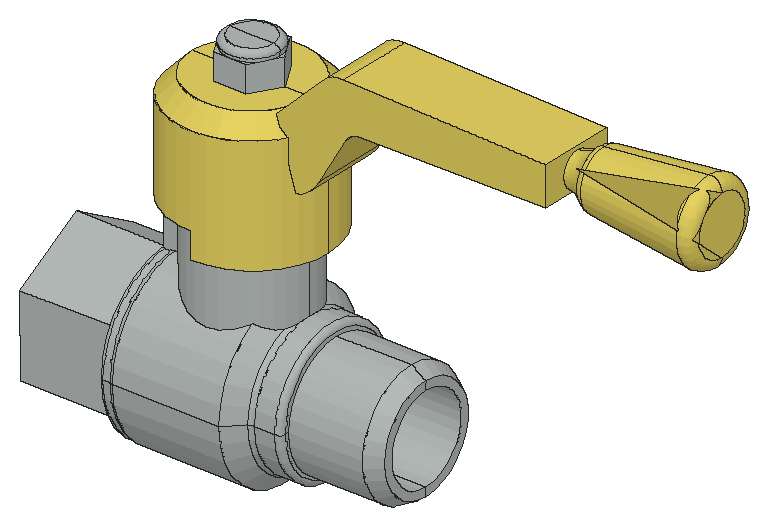
Revit family "QP02570000", category Apparecchi idraulici, Revit 2020
Family settings
  Quota connettore circolare = Usa diametro
  Tipo di parte = Normale
  Numero OmniClass = 23.45.00.00
  Titolo OmniClass = Sanitary, Laundry, and Cleaning Equipment
  Basato su piano di lavoro = No
  Sempre verticale = Sì
  Taglio con vuoti quando caricato = No
  Condiviso = No
  Punto di calcolo locali = No
Parameters
  URL = "https://web.cimberio.com/index.php/figura/820?subcategoria_id=95643"
  Temperatura di esercizio = "-20 ÷ 60°C"
  Prospetto di default = 0 mm
  Produttore = "CIMBERIO SPA"
  Pressione nominale = "MOP 5"
  Modello = "Cim 201/12G"
  Materiale = "Prodotto in lega di ottone conforme alla norma EN 12165-CW617N-DW"
  Descrizione = "Utilizzato nell’impiantistica distributiva di gas a bassa pressione per le categorie:\r\nGas naturali: gas derivati dal petrolio (Metano) e gas di ricambio.\r\nGas di città: prodotti secondo i diversi procedimenti (Cracking - Cokerie - ecc.).\r\nGas liquidi: propano e miscele di gas propano/butano"
  DN Model [instance] = QP02571015 : QP02571015
  DN [instance] = 15 mm
  Commenti sul tipo = "Realizzato in ottemperanza ai requisiti gestionali della norma EN ISO 9001.\r\nCollaudato al 100% secondo la normativa EN 12266-1"
Reference planes
  plane 1 "Centro (Fronte/Retro)": y = 0
  plane 2: z = 0
  plane 3 "Centro (Sinistra/Destra)": x = 0
Dimensions and locks
  aligned and locked: level to plane 2
Nested families
  nested 1: "QP02571015" at (0, 0, 0), type <- "DN Model", type "QP02571015"
  nested 2: "QP02571015" at (0, 0, 0), type <- "DN Model", type "QP02571015"
  nested 3: "QP02571015" at (0, 0, 0), type <- "DN Model", type "QP02571015"
  nested 4: "QP02571015" at (0, 0, 0), type <- "DN Model", type "QP02571015"
  nested 5: "QP02571015" at (0, 0, 0), type <- "DN Model", type "QP02571015"
  nested 6: "QP02571015" at (0, 0, 0), type <- "DN Model", type "QP02571015"
  nested 7: "QP02571015" at (0, 0, 0), type <- "DN Model", type "QP02571015"
  nested 8: "QP02571015" at (0, 0, 0), type <- "DN Model", type "QP02571015"
Connectors
  piping at (29.997, 0, 0), diameter 15, driven by "DN"
    settings: on nested 1, index 1, connector inside diameter 609.6 mm, connector length 0 mm, flow factor 0, pipe flow 0.0 L/s, pressure drop 0.0 Pa, fitting loss kfactor 0, connector angle 0.00°, fixture units 0, engagement length 0 mm, angle of deflection 0.00°, flow configuration 0, flow direction 0, fitting loss method 0, system type 7, joint type 0, gender type 0, connector reference index -1, connector utility 0, adjustable connector no, is connector primary yes, connector description ""
  piping at (-30.303, 0, 0), diameter 15, driven by "DN"
    settings: on nested 1, index 2, connector inside diameter 609.6 mm, connector length 0 mm, flow factor 0, pipe flow 0.0 L/s, pressure drop 0.0 Pa, fitting loss kfactor 0, connector angle 0.00°, fixture units 0, engagement length 0 mm, angle of deflection 0.00°, flow configuration 0, flow direction 0, fitting loss method 0, system type 7, joint type 0, gender type 0, connector reference index -1, connector utility 0, adjustable connector no, is connector primary no, connector description ""
Definition of nested family "QP02571015"
  Parameters (values of type "QP02571015")
    Default Elevation = 0 mm
  Reference planes
    plane 1 "Centro (Fronte/Retro)": y = 0
    plane 2: z = 0
    plane 3 "Centro (Sinistra/Destra)": x = 0
  Forms (mm)
    Revolve 1, solid
      sketch origin (0, 0, -1.484) x (1, 0, 0) y (0, 0, 1)
        loop
          line (0, 47.3) -> (-10.25, 47.3) -> (-13.25, 44.3) -> (-13.25, 24.3) -> (-8.92, 24.3) -> (-8.92, 33.247) -> (0, 33.247) -> (0, 47.3)
        axis (0, 47.3) -> (0, 24.3)
      angle from 0 to 360
    Extrusion 2, void
      sketch origin (0, 0, 27.066) x (1, 0, 0) y (0, 1, 0)
        loop
          line (-8.682, 0) -> (-12.843, 0)
          arc (-12.843, 0) -> (-11.056, -11.86) -> (0, -16.51) r 12.25
          line (0, -16.51) -> (0, -7.437)
          arc (0, -7.437) -> (-5.627, -5.22) -> (-8.682, 0) r 9.25
      from -7.705 to 0.295
    Extrusion 3, solid
      sketch origin (0, 0, 45.816) x (0, 1, 0) y (-1, 0, 0)
        loop
          line (0, 5.6) -> (-4.85, 2.8) -> (-4.85, -2.8) -> (0, -5.6) -> (4.85, -2.8) -> (4.85, 2.8) -> (0, 5.6)
      from 0 to 4.5
    Extrusion 4, solid
      sketch origin (0, 0, -1.484) x (1, 0, 0) y (0, 0, 1)
        loop
          line (9.489, 47.289) -> (12.79, 36.303)
          arc (12.79, 36.303) -> (13.672, 36.434) -> (14.476, 36.819) r 2.98
          arc (14.476, 36.819) -> (15.839, 37.99) -> (16.907, 39.435) r 8
          line (16.907, 39.435) -> (21.6, 47.564)
          arc (21.6, 47.564) -> (22.505, 48.472) -> (23.741, 48.814) r 2.506
          line (23.741, 48.814) -> (56, 49.162) -> (56, 55.816) -> (21.147, 56.761)
          arc (21.147, 56.761) -> (19.163, 56.394) -> (17.48, 55.28) r 5.061
          line (17.48, 55.28) -> (9.489, 47.289)
      from -6.343 to 6.657
    Revolve 5, solid
      sketch origin (0, 0, 0.033) x (0, 1, 0) y (-1, 0, 0)
        loop
          line (7.5, 14.6) -> (7.5, -14.5) -> (10.999, -14.5)
          arc (10.999, -14.5) -> (11.707, -14.207) -> (12, -13.5) r 1
          line (12, -13.5) -> (12, -10.05)
          arc (12, -10.05) -> (12.042, -9.476) -> (12.293, -8.957) r 1.535
          line (12.293, -8.957) -> (15, -6.25) -> (15, 12.075) -> (14.75, 12.828) -> (14.75, 13.9)
          arc (14.75, 13.9) -> (14.545, 14.395) -> (14.05, 14.6) r 0.7
          line (14.05, 14.6) -> (7.5, 14.6)
        axis (0, 14.6) -> (0, -14.5)
      angle from 0 to 360
    Revolve 6, solid
      sketch origin (0, 0, -1.484) x (1, 0, 0) y (0, 0, 1)
        loop
          line (0, 28.8) -> (0, 11.324) -> (10.003, 11.324) -> (10.003, 28.8) -> (0, 28.8)
        axis (0, 28.8) -> (0, 11.324)
      angle from 0 to 360
    Extrusion 7, solid
      sketch origin (0, 0, -1.484) x (1, 0, 0) y (0, 0, 1)
        loop
          line (-9, 27.8) -> (-14, 27.8) -> (-14, 15.632) -> (-9, 15.632) -> (-9, 27.8)
      from -1.5 to 1.5
    Revolve 8, solid
      sketch origin (0, 0, -1.484) x (1, 0, 0) y (0, 0, 1)
        loop
          line (0, 33.247) -> (-8.299, 33.247) -> (-8.299, 31.791) -> (-7.423, 31.285) -> (-7.423, 30.49) -> (-8.299, 29.984) -> (-8.299, 29.189) -> (-7.423, 28.683) -> (-7.423, 27.74) -> (-8.299, 26.864) -> (-8.299, 25.951) -> (0, 25.951) -> (0, 33.247)
        axis (0, 33.247) -> (0, 25.951)
      angle from 0 to 360
    Revolve 9, solid
      sketch origin (-19.001, 0, -1.484) x (1, 0, 0) y (0, 0, 1)
        loop
          line (100, 52.333) -> (100, 57.311)
          arc (100, 57.311) -> (99.337, 58.798) -> (97.788, 59.3) r 2
          line (97.788, 59.3) -> (79.766, 57.382)
          arc (79.766, 57.382) -> (79.175, 57.217) -> (78.669, 56.87) r 1.867
          arc (78.669, 56.87) -> (76.979, 55.749) -> (75.001, 55.3) r 5.63
          line (75.001, 55.3) -> (75.001, 52.333) -> (100, 52.333)
        axis (100, 52.3) -> (75.001, 52.3)
      angle from 0 to 360
    Revolve 10, solid
      sketch origin (0, 0, -1.484) x (1, 0, 0) y (0, 0, 1)
        loop
          line (0, 53.3) -> (0, 51.152) -> (4.75, 51.152) -> (4.75, 52.3)
          arc (4.75, 52.3) -> (4.457, 53.007) -> (3.75, 53.3) r 1
          line (3.75, 53.3) -> (0, 53.3)
        axis (0, 53.3) -> (0, 51.152)
      angle from 0 to 360
    Revolve 11, solid
      sketch origin (0, 0, 0) x (1, 0, 0) y (0, 0, 1)
        loop
          line (27.426, 10.45) -> (14.483, 10.45) -> (14.483, 7.5) -> (29.997, 7.5) -> (29.997, 8.965) -> (27.426, 10.45)
        axis (29.997, 0) -> (14.483, 0)
      angle from 0 to 360
    Extrusion 12, solid
      sketch origin (-16, 0, 0) x (0, 0, 1) y (0, 1, 0)
        loop
          circle (0, 0) r 7.467
        loop
          line (14, 0) -> (7, 12.124) -> (-7, 12.124) -> (-14, 0) -> (-7, -12.124) -> (7, -12.124) -> (14, 0)
      from -1.4 to 14.303
  Cuts and joins
    Extrusion 2 cuts Revolve 1
    joined: Revolve 6, Extrusion 7
  Dimensions and locks
    aligned and locked: level to plane 2
